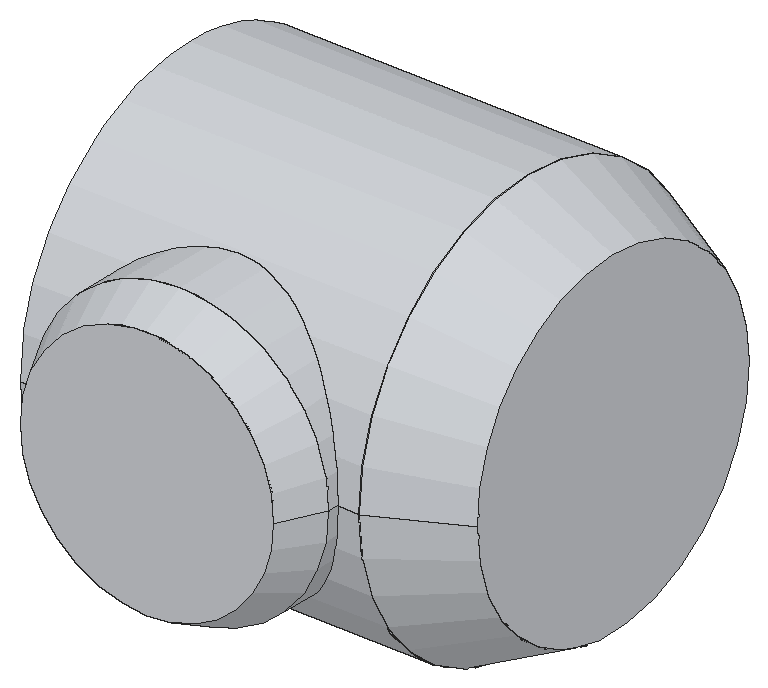
Revit family "6b30084d8a6c49faad277ccac082c347", category Duct Fittings, Revit 2021
Family settings
  Round Connector Dimension = Use Radius
  Part Type = Tee
  OmniClass Number = 23.75.70.14
  OmniClass Title = Air Ductwork
  Seek Item ID = Round Tee with Transition - Straight Conical-0000-USA-ENU
  Work Plane-Based = No
  Always vertical = Yes
  Cut with Voids When Loaded = No
  Shared = No
Parameters (values of type "Standard")
  built-in parameter 1114242 [instance] = (empty or 0)
  Length 2 [instance] = 0' 0 1/2"  # 1/2"
  Duct Radius 4 [instance] = 0.5 * Duct Diameter 4  # 7"
  Duct Radius 3 [instance] = 6"
  Duct Radius 2 [instance] = 8"
  Duct Radius 1 [instance] = 10"
  Duct Length 4 [instance] = Duct Radius 1 + Length 2  # 10 1/2"
  Duct Length 3 [instance] = if(2 * abs(Duct Radius 3 - Duct Radius 4) > 1' 0", 1' 0", if(2 * abs(Duct Radius 3 - Duct Radius 4) < 0' 1", 0' 1", 2 * abs(Duct Radius 3 - Duct Radius 4)))  # 2"
  Duct Length 2 [instance] = if(2 * abs(Duct Radius 1 - Duct Radius 2) > 1' 0", 1' 0", if(2 * abs(Duct Radius 1 - Duct Radius 2) < 0' 1", 0' 1", 2 * abs(Duct Radius 1 - Duct Radius 2)))  # 4"
  Duct Length 1 [instance] = Duct Radius 4 + 0' 1"  # 8"
  Duct Diameter 4 [instance] = Duct Diameter 3 + 0' 2"  # 14"
  Duct Diameter 3 [instance] = Duct Radius 3 * 2  # 12"
  Duct Diameter 2 [instance] = Duct Radius 2 * 2  # 16"
  Duct Diameter 1 [instance] = Duct Radius 1 * 2  # 20"
  Default Elevation = 0' - 0"
  Assembly Code = ""
  Angle [instance] = 18.00°
Reference planes (in)
  plane 1 "Center (Front/Back)": y = 0
  plane 2: z = 0
  plane 3 "Center (Left/Right)": x = 0
  plane 4: x = -8
  plane 5 "Duct Length 1": x = 8
  plane 6: x = 12
  plane 7: z = 10
  plane 8 "Duct Radius 1 - Duct Radius 3": z = 4
  plane 9: y = -12.5
  plane 10 "Duct Radius 1": y = -10
  plane 11: y = -10.5
Forms (in)
  Sweep 1, solid, detail levels medium+fine
    path in 3D
      loop
        line (-8, 0, 4) -> (8, 0, 4)
    profile origin (0, 0, 4) x (0, 1, 0) y (0, 0, 1)
      loop
        circle (0, -4) r 10
  Blend 2, solid, detail levels medium+fine
    base sketch origin (8, 48.14665, 48) x (0, 1, 0) y (0, 0, 1)
      loop
        circle (-48.14665, -48) r 10
    top sketch origin (8, 48.14665, 48) x (0, 1, 0) y (0, 0, 1)
      loop
        circle (-48.14665, -48) r 8
    from 0 to 4
  Extrusion 3, solid, detail levels medium+fine
    sketch origin (8, 48.14665, 48) x (0, 1, 0) y (0, 0, 1)
      loop
        circle (-48.14665, -48) r 0.125
    from 0 to 4
  Extrusion 4, solid, detail levels medium+fine
    sketch origin (0, 0, 0) x (1, 0, 0) y (0, 0, 1)
      loop
        circle (0, 0) r 0.125
    from 0 to 12.5
  Sweep 5, solid, detail levels medium+fine
    path in 3D
      loop
        line (0, 0, 0) -> (0, -10.5, 0)
    profile origin (0, -5.25, 0) x (1, 0, 0) y (0, 0, 1)
      loop
        circle (0, 0) r 7
  Blend 6, solid, detail levels medium+fine
    base sketch origin (-15.09747, -10.5, 48) x (-1, 0, 0) y (0, 0, 1)
      loop
        circle (-15.09747, -48) r 7
    top sketch origin (-15.09747, -10.5, 48) x (-1, 0, 0) y (0, 0, 1)
      loop
        circle (-15.09747, -48) r 6
    from 0 to -2
Cuts and joins
  joined: Sweep 1, Extrusion 4, Sweep 5, Blend 6
  joined: Blend 2, Extrusion 3
Lines and regions (in)
  reference lines
    curve 1: line (-8, 0, 4) -> (8, 0, 4)
    curve 3: line (8, 0, 4) -> (12, 0, 4)
    curve 7: line (0, 0, 0) -> (0, -10.5, 0)
  sketch lines
    curve 2: line (-8, 0, 4) -> (8, 0, 4)
    curve 8: line (0, 0, 0) -> (0, -10.5, 0)
  model lines, detail levels coarse
    curve 4: line (-8, 0, 0) -> (0, 0, 0)
    curve 5: line (0, 0, 0) -> (12, 0, 0)
    curve 6: line (0, 0, 0) -> (0, -12.5, 0)
Dimensions and locks (in)
  "Duct Radius 1": plane 7 to plane 2
  "Duct Radius 3": plane 7 to plane 8 "Duct Radius 1 - Duct Radius 3"
  "Duct Length 1": plane 4 to plane 3 "Center (Left/Right)"
  "Duct Length 1": plane 3 "Center (Left/Right)" to plane 5 "Duct Length 1"
  "Duct Radius 1": plane 10 "Duct Radius 1" to plane 1 "Center (Front/Back)"
  "Duct Length 2": plane 5 "Duct Length 1" to plane 6
  "Duct Length 4": plane 11 to plane 1 "Center (Front/Back)"
  "Duct Length 3": plane 11 to plane 9
  "Duct Radius 1": radius of Sweep 1 sketch curve
  "Duct Radius 1": radius of Blend 2 sketch curve
  "Duct Radius 2": radius of Blend 2 sketch curve
  "Duct Radius 4": radius of Sweep 5 sketch curve
  "Duct Radius 4": radius of Blend 6 sketch curve
  "Duct Radius 3": radius of Blend 6 sketch curve
  aligned and locked: plane 4 to curve 1
  aligned and locked: plane 1 "Center (Front/Back)" to curve 1
  aligned and locked: plane 1 "Center (Front/Back)" to Sweep 1 sketch curve
  aligned and locked: plane 2 to Sweep 1 sketch curve
  aligned and locked: plane 1 "Center (Front/Back)" to Blend 2 sketch curve  (x2)
  aligned and locked: plane 2 to Blend 2 sketch curve  (x2)
  aligned and locked: plane 6 to Blend 2
  aligned and locked: plane 5 "Duct Length 1" to curve 3
  aligned and locked: plane 6 to curve 3
  aligned and locked: plane 1 "Center (Front/Back)" to curve 3
  aligned and locked: plane 1 "Center (Front/Back)" to Extrusion 3 sketch curve
  aligned and locked: plane 2 to Extrusion 3 sketch curve
  aligned and locked: Extrusion 3 to plane 5 "Duct Length 1"
  aligned and locked: plane 6 to Extrusion 3
  aligned and locked: plane 3 "Center (Left/Right)" to Extrusion 4 sketch curve
  aligned and locked: plane 2 to Extrusion 4 sketch curve
  aligned and locked: Extrusion 4 to plane 9
  aligned and locked: Extrusion 4 to plane 1 "Center (Front/Back)"
  aligned and locked: plane 1 "Center (Front/Back)" to curve 4
  aligned and locked: plane 6 to curve 5
  aligned and locked: plane 1 "Center (Front/Back)" to curve 6
  aligned and locked: plane 9 to curve 6
  aligned and locked: curve 6 to plane 3 "Center (Left/Right)"
  aligned and locked: plane 1 "Center (Front/Back)" to curve 7
  aligned and locked: plane 11 to curve 7
  aligned and locked: curve 7 to plane 3 "Center (Left/Right)"
  aligned and locked: plane 3 "Center (Left/Right)" to Sweep 5 sketch curve
  aligned and locked: plane 2 to Sweep 5 sketch curve
  aligned and locked: plane 3 "Center (Left/Right)" to Blend 6 sketch curve  (x2)
  aligned and locked: plane 2 to Blend 6 sketch curve  (x2)
  aligned and locked: Blend 6 to plane 9
  aligned and locked: plane 5 "Duct Length 1" to Extrusion 3
Automatic sketch dimensions
  curve 4 to plane 4 = 0' - 0"
  radius of Extrusion 4 sketch curve = 0' - 0 1/8"
  radius of Extrusion 3 sketch curve = 0' - 0 1/8"
Connectors (in)
  hvac at (-8, 0, 0), driven by "Duct Radius 1"
    settings: on Sweep 1, index 1, duct flow 0 CFM, flow factor 0, pres drop 0.00 in-wg, loss coef 0, conn angle 0.00°, conn width 12", conn height 12", conn diameter 20", duct sys type 28, conn prof type 0, flow config 0, flow direction 0, loss method 0, conn ref index 2, conn util no, is conn primary yes, conn desc ""
  hvac at (12, 0, 0), driven by "Duct Radius 2"
    settings: on Extrusion 3, index 2, duct flow 0 CFM, flow factor 0, pres drop 0.00 in-wg, loss coef 0, conn angle 0.00°, conn width 12", conn height 12", conn diameter 16", duct sys type 28, conn prof type 0, flow config 0, flow direction 0, loss method 0, conn ref index 1, conn util no, is conn primary no, conn desc ""
  hvac at (0, -12.5, 0), driven by "Duct Radius 3"
    settings: on Extrusion 4, index 3, duct flow 0 CFM, flow factor 0, pres drop 0.00 in-wg, loss coef 0, conn angle 0.00°, conn width 12", conn height 12", conn diameter 12", duct sys type 28, conn prof type 0, flow config 0, flow direction 0, loss method 0, conn ref index -1, conn util no, is conn primary no, conn desc ""
